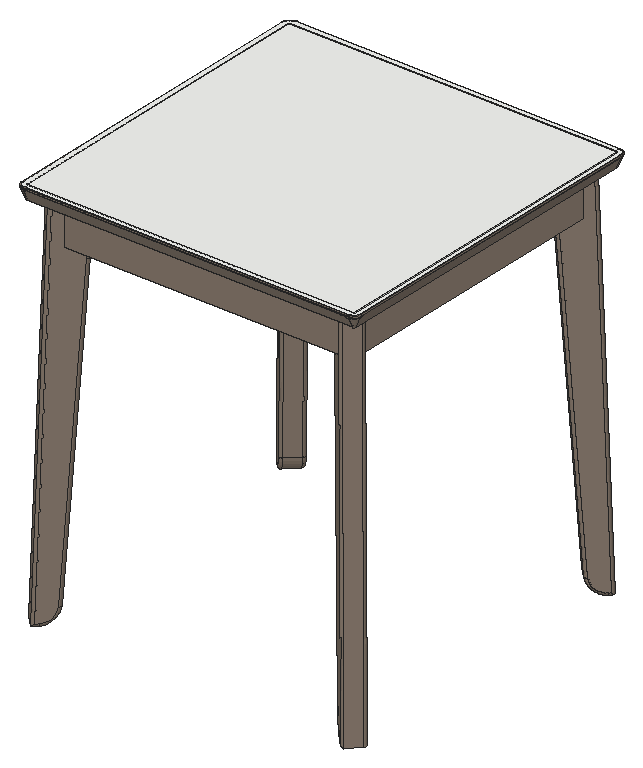
Revit family "Table-Casual-Naughtone-Dalby_SQ_Cafe", category Furniture, Revit 2015
Parameters (values of type "650mmx650mmx750mm")
  _distributed by = "www.bimbox.co.uk"  # constant formula
  _current revision = "1"
  _created by = "BIMBox"  # constant formula
  _author = "BIMBox"  # constant formula
  _BIMspec_GUID = 0
  WarrantyStartDate [instance] = "<User Defined>"
  WarrantyGuarantorParts = "sales@naughtone.com"
  WarrantyGuarantorLabor = "sales@naughtone.com"
  WarrantyDurationUnit = "Years"
  WarrantyDurationParts = "5"
  WarrantyDurationLabor = "5"
  WarrantyDescription = "5 year warranty"
  Version = "1"
  Uniclass2015 = "40.50.21.58"
  URL = "http://www.naughtone.com/"
  TypeName = "Table-Casual-Naughtone-Dalby_SQ_Cafe"
  Type Comments = "650x650x750"
  TagNumber = "0.000000"
  SustainabilityPerformance = "89.64% reusable content"
  Size = "650mmx650mmx750mm"
  Shape = "Rectangular"
  SerialNumber = "0.000000"
  ReplacementCost = "0.00"
  ProductInformation = "http://www.naughtone.com/wp-content/uploads/2015/05/Dalby-Brochure-FISP-2015.pdf?49171d"
  Product URL = "http://www.naughtone.com/portfolio-view/dalby"
  Option [instance] = if(HasReverseChamfer, "MFMDF with reverse chamfer", if(HasBandEdge, "MFMDF edge banded", "n/a"))  # "MFMDF with reverse chamfer"
  NominalWidth = 650 mm
  NominalLength = NominalWidth  # 650 mm
  NominalHeight = 750 mm  # constant formula
  Name = "650mmx650mmx750mm, Dalby Square Cafe Table"
  NBSReference = "40.50.21.58"
  NBSDescription = "n/a"
  Mtrl_Top [instance] = Laminate-White-Smooth
  Mtrl_Frame [instance] = Wood-Oak-Satin_Frame
  Mtrl_EdgeTop [instance] = Wood-Oak-Matte_Top
  ModelReference = "Dalby Square Cafe Table"
  ModelNumber = "DAL-650-SQ"
  Model = "DAL-650-SQ"
  Material = "MFMDF Top; Solid Oak Legs"
  ManufacturerAddressUK = "201 Pannal Business Park, Station Road, Harrogate, HG3 1JL"  # constant formula
  Manufacturer = "Naughtone"  # constant formula
  Keynote = "40.50.21.58"
  InstallationDate [instance] = "<User Defined>"
  HasReverseChamfer [instance] = yes
  HasBandEdge [instance] = not(HasReverseChamfer)  # no
  Grade = "n/a"
  Finish = "Polyster powder coat; various top finishes available"
  Features = "n/a"
  ExpectedLife = "15-20"
  EdgeOffset [instance] = if(HasReverseChamfer, 10 mm, 5 mm)  # 10 mm
  DurationUnit = "Years"
  Description = "Dalby Square Cafe Table"
  CreatedOn = "2015.07.15"
  CreatedBy = "Naughtone"  # constant formula
  Cost = 0
  ContactTelephoneNumber = "+44 (0) 1423 816500"
  ContactEmailAddress = "sales@naughtone.com"
  Constituents = "Wood Top; Solid Oak frame"
  ComponentDescription = "The Dalby table will inject warmth and quality into an interior without raising any eyebrows. Dalby provides a practical, robust surface and maximised leg positions for clear, useable access all round the table."
  Color = "White"
  CodePerformance = "FISP Certified; ISO14001 Certified"
  Category = "40.50.21.58 : Occasional Tables"
  BarCode = "0.000000"
  BIMObjectName = "Table-Casual-Naughtone-Dalby_SQ_Cafe"
  AssetType = "Movable"
  AssetIdentifier = "DAL-650-SQ"
  Assembly Code = "E2020"
  AdditionalMaterials = "Additional material and finish options available. Please contact Naughtone direct for further information."
  AccessibilityPerformance = "n/a"
Types (3, lengths in mm): name | Type Comments | Size | NominalWidth | NominalLength | Name | ModelNumber | Model | AssetIdentifier
  (no name) | "650x650x750" | "650mmx650mmx750mm" | 650 | 650 | "650mmx650mmx750mm, Dalby Square Cafe Table" | "DAL-650-SQ" | "DAL-650-SQ" | "DAL-650-SQ"
  650mmx650mmx750mm | "650x650x750" | "650mmx650mmx750mm" | 650 | 650 | "650mmx650mmx750mm, Dalby Square Cafe Table" | "DAL-650-SQ" | "DAL-650-SQ" | "DAL-650-SQ"
  850mmx850mmx750mm | "850x850x750" | "850mmx850mmx750mm" | 850 | 850 | "850mmx850mmx750mm, Dalby Square Cafe Table" | "DAL-850-SQ" | "DAL-850-SQ" | "DAL-850-SQ"
Reference planes
  plane 1 "Center (Front/Back)": y = 0
  plane 2: z = 0
  plane 3 "Center (Left/Right)": x = 0
  plane 4 "Left": x = -325
  plane 5 "Right": x = 325
  plane 6 "Rear": y = 325
  plane 7 "Front": y = -325
  plane 8 "Top": z = 750
  plane 9: x = -315
  plane 10: y = -315
  plane 11: y = 315
  plane 12: x = 315
  plane 13 "EdgeProfile": z = 725
  plane 14: y = -320
Forms (mm)
  Sweep 1, solid, material "Wood-Oak-Matte_Top" <- "Mtrl_EdgeTop", visible <- "HasReverseChamfer"
    path origin (0, 0, 725) x (-1, 0, 0) y (0, -1, 0)
      loop
        line (315, -312) -> (315, 312)
        arc (315, 312) -> (314.121, 314.121) -> (312, 315) r 3
        line (312, 315) -> (-312, 315)
        arc (-312, 315) -> (-314.121, 314.121) -> (-315, 312) r 3
        line (-315, 312) -> (-315, -312)
        arc (-315, -312) -> (-314.121, -314.121) -> (-312, -315) r 3
        line (-312, -315) -> (312, -315)
        arc (312, -315) -> (314.121, -314.121) -> (315, -312) r 3
    profile origin (-315, 0, 725) x (1, 0, 0) y (0, 0, 1)
      loop
        line (0, 25) -> (-9.5, 25)
        arc (-9.5, 25) -> (-9.854, 24.854) -> (-10, 24.5) r 0.5
        line (-10, 24.5) -> (-10, 21.379)
        arc (-10, 21.379) -> (-9.925, 20.513) -> (-9.701, 19.674) r 5
        line (-9.701, 19.674) -> (-1.167, 0) -> (0, 0) -> (0, 25)
  Sweep 2, solid, material "Wood-Oak-Matte_Top" <- "Mtrl_EdgeTop", visible <- "HasBandEdge"
    path origin (0, 0, 725) x (-1, 0, 0) y (0, -1, 0)
      loop
        line (312, 315) -> (-312, 315)
        arc (-312, 315) -> (-314.121, 314.121) -> (-315, 312) r 3
        line (-315, 312) -> (-315, -312)
        arc (-315, -312) -> (-314.121, -314.121) -> (-312, -315) r 3
        line (-312, -315) -> (312, -315)
        arc (312, -315) -> (314.121, -314.121) -> (315, -312) r 3
        line (315, -312) -> (315, 312)
        arc (315, 312) -> (314.121, 314.121) -> (312, 315) r 3
    profile origin (0, -315, 725) x (0, 1, 0) y (0, 0, 1)
      loop
        line (-5, 20) -> (-5, 5)
        arc (-5, 5) -> (-3.536, 1.464) -> (0, 0) r 5
        line (0, 0) -> (0, 25)
        arc (0, 25) -> (-3.536, 23.536) -> (-5, 20) r 5
  Extrusion 3, solid, material "Laminate-White-Smooth" <- "Mtrl_Top"
    sketch origin (0, 0, 725) x (-1, 0, 0) y (0, -1, 0)
      loop
        arc (312, -315) -> (314.121, -314.121) -> (315, -312) r 3
        line (315, -312) -> (315, 312)
        arc (315, 312) -> (314.121, 314.121) -> (312, 315) r 3
        line (312, 315) -> (-312, 315)
        arc (-312, 315) -> (-314.121, 314.121) -> (-315, 312) r 3
        line (-315, 312) -> (-315, -312)
        arc (-315, -312) -> (-314.121, -314.121) -> (-312, -315) r 3
        line (-312, -315) -> (312, -315)
    from 0 to 25
Dimensions and locks
  equal spacing: plane 4 "Left", plane 3 "Center (Left/Right)", plane 5 "Right"
  "NominalWidth": plane 4 "Left" to plane 5 "Right"
  equal spacing: plane 6 "Rear", plane 1 "Center (Front/Back)", plane 7 "Front"
  "NominalLength": plane 6 "Rear" to plane 7 "Front"
  "NominalHeight": plane 8 "Top" to level
  "EdgeOffset": plane 4 "Left" to plane 9
  "EdgeOffset": plane 12 to plane 5 "Right"
  "EdgeOffset": plane 6 "Rear" to plane 11
  "EdgeOffset": plane 10 to plane 7 "Front"
  locked: plane 8 "Top" to plane 13 "EdgeProfile" at 25
  locked: plane 14 to plane 10 at 5
  aligned and locked: level to plane 2
  aligned and locked: Sweep 1 sketch curve to plane 9
  aligned and locked: plane 11 to Sweep 1 sketch curve
  aligned and locked: Sweep 1 sketch curve to plane 10
  aligned and locked: plane 12 to Sweep 1 sketch curve
  aligned and locked: plane 8 "Top" to Sweep 1 sketch curve
  aligned and locked: Sweep 1 sketch curve to plane 4 "Left"
  aligned and locked: plane 13 "EdgeProfile" to Sweep 1 sketch curve
  aligned and locked: plane 9 to Sweep 1 sketch curve
  aligned and locked: Sweep 2 sketch curve to plane 10
  aligned and locked: Sweep 2 sketch curve to plane 9
  aligned and locked: Sweep 2 sketch curve to plane 11
  aligned and locked: Sweep 2 sketch curve to plane 12
  aligned and locked: plane 10 to Sweep 2 sketch curve
  aligned and locked: Sweep 2 sketch curve to plane 14
  aligned and locked: plane 11 to Extrusion 3 sketch curve
  aligned and locked: plane 9 to Extrusion 3 sketch curve
  aligned and locked: plane 10 to Extrusion 3 sketch curve
  aligned and locked: plane 12 to Extrusion 3 sketch curve
  aligned and locked: plane 8 "Top" to Extrusion 3
  aligned and locked: Extrusion 3 to plane 13 "EdgeProfile"
  aligned and locked: plane 1 "Center (Front/Back)" to nested 1
  aligned and locked: plane 3 "Center (Left/Right)" to nested 1
Automatic sketch dimensions
  Sweep 2 sketch curve to profile plane = 0 mm
  Sweep 2 sketch curve to plane 13 "EdgeProfile" = 0 mm
  Sweep 2 sketch curve to Sweep 2 sketch curve = 15 mm
  Sweep 2 sketch curve to Sweep 2 sketch curve = 0 mm
  Sweep 1 sketch curve to Sweep 1 sketch curve = 0.299 mm
  Sweep 1 sketch curve to Sweep 1 sketch curve = 0.5 mm
  Sweep 1 sketch curve to Sweep 1 sketch curve = 5 mm
  Sweep 1 sketch curve to Sweep 1 sketch curve = 4.826 mm
  profile plane to Sweep 1 sketch curve = 1.167 mm
  plane 12 to Sweep 1 sketch curve = 3 mm  (x2)
  plane 9 to Sweep 1 sketch curve = 3 mm  (x2)
  plane 12 to Extrusion 3 sketch curve = 3 mm  (x2)
  Extrusion 3 sketch curve to Extrusion 3 sketch curve = 3 mm  (x2)
  plane 12 to Sweep 2 sketch curve = 3 mm
  Sweep 2 sketch curve to Sweep 2 sketch curve = 3 mm  (x2)
  plane 9 to Sweep 2 sketch curve = 3 mm
Nested families
  nested 1: "Nested-Frame-Naughtone-Dalby_Small" at (0, 0, 0), Mtrl_Frame <- "Mtrl_Frame", NominalWidth <- "NominalWidth", type "Dalby Frame"
    with NominalWidth 650 mm, NominalLength 650 mm, Mtrl_Frame Wood-Oak-Satin_Frame, HasRectangularTop yes, HasCircularTop no, FrameWidth 650 mm, FrameLength 650 mm
Definition of nested family "Nested-Frame-Naughtone-Dalby_Small"
  Parameters (values of type "Dalby Frame")
    _distributed by = "www.bimbox.co.uk"  # constant formula
    _current revision = "1"
    _created by = "BIMBox"  # constant formula
    _author = "BIMBox"  # constant formula
    URL = "http://www.naughtone.com/"
    Type Comments = ""
    NominalWidth [instance] = 850 mm
    NominalLength [instance] = NominalWidth  # 850 mm
    NominalHeight = 750 mm  # constant formula
    Mtrl_Frame [instance] = none
    Model = "Dalby Frame"
    ManufacturerAddressUK = "201 Pannal Business Park, Station Road, Harrogate, HG3 1JL"  # constant formula
    Manufacturer = "Naughtone"  # constant formula
    Keynote = ""
    HasRectangularTop [instance] = 1 < 2  # yes
    HasCircularTop [instance] = not(HasRectangularTop)  # no
    FrameWidth [instance] = if(HasCircularTop, NominalLength - (110 mm * 2), NominalWidth)  # 850 mm
    FrameLength [instance] = if(HasCircularTop, NominalLength - (110 mm * 2), NominalLength)  # 850 mm
    Description = "Dalby Frame"
    Cost = 0
    ContactTelephoneNumber = "+44 (0) 1423 816500"
    ContactEmailAddress = "sales@naughtone.com"
    Assembly Code = "E2020"
  Reference planes
    plane 1 "Center (Front/Back)": y = 0
    plane 2: z = 0
    plane 3 "Center (Left/Right)": x = 0
    plane 4 "Left": x = -425
    plane 5 "Right": x = 425
    plane 6 "Rear": y = 425
    plane 7 "Front": y = -425
    plane 8 "Top": z = 750
    plane 9 "EdgeProfile": z = 725
    plane 10: z = 650
    plane 11: z = 655.321
    plane 12: z = 5
    plane 13: z = 655.321
    plane 14: z = 649.22
    plane 15: z = 612.454
    plane 16: z = 602.235
    plane 17: z = 32.847
    plane 18: z = 5
    plane 19: z = 40
    plane 20: x = 410.858
    plane 21: y = -410.858
    plane 22: x = 322.47
    plane 23: x = 350.754
    plane 24: y = -322.47
    plane 25: y = -350.754
    plane 26: y = -336.612
    plane 27: x = 336.612
    plane 28: through (572.47, -100.754, 1200) normal (-0.7071, 0.7071, 0)
    plane 29: through (646.716, -175, 1200) normal (-0.7071, 0.7071, 0)
    plane 30: through (556.795, -257.845, 5) normal (0.7071, -0.7071, 0)
    plane 31: through (539.017, -240.066, 725) normal (-0.7071, 0.7071, 0)
    plane 32: through (552.518, -253.567, 35) normal (-0.7071, 0.7071, 0)
    plane 33: z = 35
    plane 34: z = 32.867
    plane 35: through (501.333, -202.382, 628.573) normal (-0.7071, 0.7071, 0)
    plane 36: z = 628.573
    plane 37: z = 654.63
    plane 38: through (480.173, -181.223, 626.44) normal (-0.7071, 0.7071, 0)
    plane 39: z = 626.44
    plane 40: through (487.429, -188.478, 654.63) normal (-0.7071, 0.7071, 0)
    plane 41: through (531.358, -232.407, 32.867) normal (-0.7071, 0.7071, 0)
    plane 42: y = 410.858
    plane 43: y = 322.47
    plane 44: y = 350.754
    plane 45: y = 336.612
    plane 46: through (572.47, 100.754, 1200) normal (0.7071, 0.7071, 0)
    plane 47: through (646.716, 175, 1200) normal (0.7071, 0.7071, 0)
    plane 48: through (556.795, 257.845, 5) normal (-0.7071, -0.7071, 0)
    plane 49: through (539.017, 240.066, 725) normal (0.7071, 0.7071, 0)
    plane 50: through (552.518, 253.567, 35) normal (0.7071, 0.7071, 0)
    plane 51: through (501.333, 202.382, 628.573) normal (0.7071, 0.7071, 0)
    plane 52: through (480.173, 181.223, 626.44) normal (0.7071, 0.7071, 0)
    plane 53: through (487.429, 188.478, 654.63) normal (0.7071, 0.7071, 0)
    plane 54: through (531.358, 232.407, 32.867) normal (0.7071, 0.7071, 0)
    plane 55: x = -410.858
    plane 56: x = -322.47
    plane 57: x = -350.754
    plane 58: x = -336.612
    plane 59: through (-572.47, -100.754, 1200) normal (-0.7071, -0.7071, 0)
    plane 60: through (-646.716, -175, 1200) normal (-0.7071, -0.7071, 0)
    plane 61: through (-556.795, -257.845, 5) normal (0.7071, 0.7071, 0)
    plane 62: through (-539.017, -240.066, 725) normal (-0.7071, -0.7071, 0)
    plane 63: through (-552.518, -253.567, 35) normal (-0.7071, -0.7071, 0)
    plane 64: through (-501.333, -202.382, 628.573) normal (-0.7071, -0.7071, 0)
    plane 65: through (-480.173, -181.223, 626.44) normal (-0.7071, -0.7071, 0)
    plane 66: through (-487.429, -188.478, 654.63) normal (-0.7071, -0.7071, 0)
    plane 67: through (-531.358, -232.407, 32.867) normal (-0.7071, -0.7071, 0)
    plane 68: z = 5
    plane 69: z = 35
    plane 70: z = 32.867
    plane 71: z = 628.573
    plane 72: z = 654.63
    plane 73: z = 626.44
    plane 74: through (-572.47, 100.754, 1200) normal (0.7071, -0.7071, 0)
    plane 75: through (-646.716, 175, 1200) normal (0.7071, -0.7071, 0)
    plane 76: through (-556.795, 257.845, 5) normal (-0.7071, 0.7071, 0)
    plane 77: through (-539.017, 240.066, 725) normal (0.7071, -0.7071, 0)
    plane 78: through (-552.518, 253.567, 35) normal (0.7071, -0.7071, 0)
    plane 79: through (-501.333, 202.382, 628.573) normal (0.7071, -0.7071, 0)
    plane 80: through (-480.173, 181.223, 626.44) normal (0.7071, -0.7071, 0)
    plane 81: through (-487.429, 188.478, 654.63) normal (0.7071, -0.7071, 0)
    plane 82: through (-531.358, 232.407, 32.867) normal (0.7071, -0.7071, 0)
    plane 83: z = 726.5
    plane 84: through (246.847, -422.896, 647.076) normal (-0.7071, 0.7071, 0)
    plane 85: through (305.759, -481.809, 721.969) normal (-0.7071, 0.7071, 0)
    plane 86: z = 726.5
    plane 87: through (543.259, 244.309, 729.183) normal (-0.7071, -0.7071, 0)
    plane 88: through (484.319, 185.369, 729.183) normal (-0.7071, -0.7071, 0)
    plane 89: z = 649.63
    plane 90: z = 726.5
    plane 91: through (-484.319, -185.369, 731.5) normal (0.7071, 0.7071, 0)
    plane 92: through (-543.259, -244.309, 707.401) normal (-0.7071, -0.7071, 0)
    plane 93: z = 726.5
    plane 94: through (-484.319, 185.369, 644.22) normal (0.7071, -0.7071, 0)
    plane 95: through (-543.259, 244.309, 731.5) normal (-0.7071, 0.7071, 0)
    plane 96: y = -390.754
    plane 97: x = -390.754
    plane 98: y = 390.754
    plane 99: x = 390.754
  Forms (mm)
    Sweep 1, solid, material <- "Mtrl_Frame"
      path origin (410.858, -410.858, 0) x (-0.707107, 0.707107, 0) y (0, 0, 1)
        loop
          line (30.146, 725) -> (5.003, 5) -> (11.053, 5)
          arc (11.053, 5) -> (31.498, 13.046) -> (40.977, 32.867) r 30
          line (40.977, 32.867) -> (83.439, 628.573)
          arc (83.439, 628.573) -> (89.416, 644.51) -> (103.103, 654.63) r 30
          line (103.103, 654.63) -> (105, 655.321)
      profile origin (405.181, -405.181, 5) x (0, 0, 1) y (0.707107, 0.707107, 0)
        loop
          arc (0, 20) -> (-3.536, 18.536) -> (-5, 15) r 5
          line (-5, 15) -> (-5, -15)
          arc (-5, -15) -> (-3.536, -18.536) -> (0, -20) r 5
          line (0, -20) -> (0, 20)
    Sweep 2, solid, material <- "Mtrl_Frame"
      path origin (410.858, 410.858, 0) x (-0.707107, -0.707107, 0) y (0, 0, 1)
        loop
          line (30.146, 725) -> (5.003, 5) -> (11.053, 5)
          arc (11.053, 5) -> (31.498, 13.046) -> (40.977, 32.867) r 30
          line (40.977, 32.867) -> (83.439, 628.573)
          arc (83.439, 628.573) -> (89.416, 644.51) -> (103.103, 654.63) r 30
          line (103.103, 654.63) -> (105, 655.321)
      profile origin (405.181, 405.181, 5) x (0, 0, 1) y (-0.707107, 0.707107, 0)
        loop
          line (0, -20) -> (0, 20)
          arc (0, 20) -> (-3.536, 18.536) -> (-5, 15) r 5
          line (-5, 15) -> (-5, -15)
          arc (-5, -15) -> (-3.536, -18.536) -> (0, -20) r 5
    Sweep 3, solid, material <- "Mtrl_Frame"
      path origin (-410.858, -410.858, 0) x (0.707107, 0.707107, 0) y (0, 0, 1)
        loop
          line (30.146, 725) -> (5.003, 5) -> (11.053, 5)
          arc (11.053, 5) -> (31.498, 13.046) -> (40.977, 32.867) r 30
          line (40.977, 32.867) -> (83.439, 628.573)
          arc (83.439, 628.573) -> (89.416, 644.51) -> (103.103, 654.63) r 30
          line (103.103, 654.63) -> (105, 655.321)
      profile origin (-405.181, -405.181, 5) x (0, 0, 1) y (0.707107, -0.707107, 0)
        loop
          line (0, -20) -> (0, 20)
          arc (0, 20) -> (-3.536, 18.536) -> (-5, 15) r 5
          line (-5, 15) -> (-5, -15)
          arc (-5, -15) -> (-3.536, -18.536) -> (0, -20) r 5
    Sweep 4, solid, material <- "Mtrl_Frame"
      path origin (-410.858, 410.858, 0) x (0.707107, -0.707107, 0) y (0, 0, 1)
        loop
          line (30.146, 725) -> (5.003, 5) -> (11.053, 5)
          arc (11.053, 5) -> (31.498, 13.046) -> (40.977, 32.867) r 30
          line (40.977, 32.867) -> (83.439, 628.573)
          arc (83.439, 628.573) -> (89.416, 644.51) -> (103.103, 654.63) r 30
          line (103.103, 654.63) -> (105, 655.321)
      profile origin (-405.181, 405.181, 5) x (0, 0, 1) y (-0.707107, -0.707107, 0)
        loop
          arc (0, 20) -> (-3.536, 18.536) -> (-5, 15) r 5
          line (-5, 15) -> (-5, -15)
          arc (-5, -15) -> (-3.536, -18.536) -> (0, -20) r 5
          line (0, -20) -> (0, 20)
    Extrusion 5, solid, material <- "Mtrl_Frame"
      sketch origin (410.858, -410.858, 0) x (-0.707107, 0.707107, 0) y (0, 0, 1)
        loop
          arc (83.439, 628.573) -> (89.416, 644.51) -> (103.103, 654.63) r 30
          line (103.103, 654.63) -> (105, 655.321) -> (105, 725) -> (30.146, 725) -> (5.003, 5) -> (11.053, 5)
          arc (11.053, 5) -> (31.498, 13.046) -> (40.977, 32.867) r 30
          line (40.977, 32.867) -> (83.439, 628.573)
      from -20 to 20
    Extrusion 6, void
      sketch origin (410.858, -410.858, 0) x (0.707107, -0.707107, 0) y (0, 0, 1)
        loop
          line (-107.461, 650) -> (-105, 650) -> (-105, 725) -> (-24.146, 725) -> (-24.146, 726.5) -> (-107.461, 726.5) -> (-107.461, 650)
      from -20 to 20
    Extrusion 7, solid, material <- "Mtrl_Frame"
      sketch origin (410.858, 410.858, 0) x (-0.707107, -0.707107, 0) y (0, 0, 1)
        loop
          line (5.003, 5) -> (11.053, 5)
          arc (11.053, 5) -> (31.498, 13.046) -> (40.977, 32.867) r 30
          line (40.977, 32.867) -> (83.439, 628.573)
          arc (83.439, 628.573) -> (89.416, 644.51) -> (103.103, 654.63) r 30
          line (103.103, 654.63) -> (105, 655.321) -> (105, 725) -> (30.146, 725) -> (5.003, 5)
      from -20 to 20
    Extrusion 8, void
      sketch origin (410.858, 410.858, 0) x (-0.707107, -0.707107, 0) y (0, 0, 1)
        loop
          line (24.146, 726.5) -> (24.146, 725) -> (105, 725) -> (105, 649.63) -> (107.5, 649.63) -> (107.5, 726.5) -> (24.146, 726.5)
      from -20 to 20
    Extrusion 9, solid, material <- "Mtrl_Frame"
      sketch origin (-410.858, -410.858, 0) x (0.707107, 0.707107, 0) y (0, 0, 1)
        loop
          line (30.146, 725) -> (5.003, 5) -> (11.053, 5)
          arc (11.053, 5) -> (31.498, 13.046) -> (40.977, 32.867) r 30
          line (40.977, 32.867) -> (83.439, 628.573)
          arc (83.439, 628.573) -> (89.416, 644.51) -> (103.103, 654.63) r 30
          line (103.103, 654.63) -> (105, 655.321) -> (105, 725) -> (30.146, 725)
      from -20 to 20
    Extrusion 10, void
      sketch origin (-410.858, -410.858, 0) x (0.707107, 0.707107, 0) y (0, 0, 1)
        loop
          line (24.146, 726.5) -> (24.146, 725) -> (105, 725) -> (105, 650) -> (107.5, 650) -> (107.5, 726.5) -> (24.146, 726.5)
      from -20 to 20
    Extrusion 11, solid, material <- "Mtrl_Frame"
      sketch origin (-410.858, 410.858, 0) x (0.707107, -0.707107, 0) y (0, 0, 1)
        loop
          arc (83.439, 628.573) -> (89.416, 644.51) -> (103.103, 654.63) r 30
          line (103.103, 654.63) -> (105, 655.321) -> (105, 725) -> (30.146, 725) -> (5.003, 5) -> (11.053, 5)
          arc (11.053, 5) -> (31.498, 13.046) -> (40.977, 32.867) r 30
          line (40.977, 32.867) -> (83.439, 628.573)
      from -20 to 20
    Extrusion 12, void
      sketch origin (-410.858, 410.858, 0) x (0.707107, -0.707107, 0) y (0, 0, 1)
        loop
          line (107.5, 726.5) -> (24.146, 726.5) -> (24.146, 725) -> (105, 725) -> (105, 649.22) -> (107.5, 649.22) -> (107.5, 726.5)
      from -20 to 20
    Extrusion 13, solid, material <- "Mtrl_Frame"
      sketch origin (0, 0, 0) x (1, 0, 0) y (0, 1, 0)
        loop
          line (350.754, -322.47) -> (390.754, -362.47) -> (390.754, 362.47) -> (350.754, 322.47) -> (350.754, -322.47)
        loop
          line (322.47, 350.754) -> (362.47, 390.754) -> (-362.47, 390.754) -> (-322.47, 350.754) -> (322.47, 350.754)
        loop
          line (-350.754, -322.47) -> (-350.754, 322.47) -> (-390.754, 362.47) -> (-390.754, -362.47) -> (-350.754, -322.47)
        loop
          line (322.47, -350.754) -> (-322.47, -350.754) -> (-362.47, -390.754) -> (362.47, -390.754) -> (322.47, -350.754)
      from 650 to 725
  Cuts and joins
    Extrusion 6 cuts Sweep 1
    joined: Sweep 1, Extrusion 5
    Extrusion 8 cuts Sweep 2
    joined: Sweep 2, Extrusion 7
    Extrusion 10 cuts Sweep 3
    joined: Sweep 3, Extrusion 9
    Extrusion 12 cuts Sweep 4
    Extrusion 12 cuts Extrusion 11
    joined: Sweep 4, Extrusion 11
  Lines and regions (mm)
    reference lines
      curve 1: line (410.858, -410.858, 0) -> (336.612, -336.612, 0)
      curve 2: line (410.858, 410.858, 0) -> (336.612, 336.612, 0)
      curve 3: line (-410.858, -410.858, 0) -> (-336.612, -336.612, 0)
      curve 4: line (-410.858, 410.858, 0) -> (-336.612, 336.612, 0)
  Dimensions and locks
    equal spacing: plane 4 "Left", plane 3 "Center (Left/Right)", plane 5 "Right"
    "FrameWidth": plane 4 "Left" to plane 5 "Right"
    equal spacing: plane 6 "Rear", plane 1 "Center (Front/Back)", plane 7 "Front"
    "FrameLength": plane 6 "Rear" to plane 7 "Front"
    "NominalHeight": plane 8 "Top" to level
    locked: plane 8 "Top" to plane 9 "EdgeProfile" at 25
    locked: plane 9 "EdgeProfile" to plane 10 at 75
    locked: plane 11 to plane 10 at 5.321
    locked: plane 12 to level at 5
    locked: plane 13 to plane 10 at 5.321
    locked: plane 10 to plane 14 at 0.78
    locked: plane 10 to plane 15 at 37.546
    locked: plane 10 to plane 16 at 47.765
    locked: plane 18 to level at 5
    locked: plane 17 to level at 32.847
    locked: plane 19 to level at 40
    locked: plane 20 to plane 5 "Right" at 14.142
    locked: plane 21 to plane 7 "Front" at 14.142
    locked: plane 7 "Front" to plane 24 at 102.53
    locked: plane 26 to plane 7 "Front" at 88.388
    locked: plane 7 "Front" to plane 25 at 74.246
    locked: plane 23 to plane 5 "Right" at 74.246
    locked: plane 27 to plane 5 "Right" at 88.388
    locked: plane 22 to plane 5 "Right" at 102.53
    locked: plane 30 to plane 29 at 5.003
    locked: plane 28 to plane 31 at 74.854
    locked: plane 28 to plane 40 at 1.897
    locked: plane 28 to plane 35 at 21.561
    locked: plane 38 to plane 28 at 8.363
    locked: plane 36 to plane 10 at 21.427
    locked: plane 10 to plane 39 at 23.56
    locked: plane 10 to plane 37 at 4.63
    locked: plane 32 to plane 29 at 11.053
    locked: plane 41 to plane 29 at 40.977
    locked: level to plane 34 at 32.867
    locked: plane 33 to level at 35
    locked: plane 42 to plane 6 "Rear" at 14.142
    locked: plane 6 "Rear" to plane 43 at 102.53
    locked: plane 45 to plane 6 "Rear" at 88.388
    locked: plane 6 "Rear" to plane 44 at 74.246
    locked: plane 48 to plane 47 at 5.003
    locked: plane 46 to plane 49 at 74.854
    locked: plane 46 to plane 53 at 1.897
    locked: plane 46 to plane 51 at 21.561
    locked: plane 52 to plane 46 at 8.363
    locked: plane 50 to plane 47 at 11.053
    locked: plane 54 to plane 47 at 40.977
    locked: plane 55 to plane 4 "Left" at 14.142
    locked: plane 57 to plane 4 "Left" at 74.246
    locked: plane 58 to plane 4 "Left" at 88.388
    locked: plane 56 to plane 4 "Left" at 102.53
    locked: plane 61 to plane 60 at 5.003
    locked: plane 59 to plane 62 at 74.854
    locked: plane 59 to plane 66 at 1.897
    locked: plane 59 to plane 64 at 21.561
    locked: plane 65 to plane 59 at 8.363
    locked: plane 63 to plane 60 at 11.053
    locked: plane 67 to plane 60 at 40.977
    locked: plane 68 to level at 5
    locked: plane 71 to plane 10 at 21.427
    locked: plane 10 to plane 73 at 23.56
    locked: plane 10 to plane 72 at 4.63
    locked: level to plane 70 at 32.867
    locked: plane 69 to level at 35
    plane 42 to plane 6 "Rear" = 14.142 mm
    plane 6 "Rear" to plane 43 = 102.53 mm
    plane 45 to plane 6 "Rear" = 88.388 mm
    plane 6 "Rear" to plane 44 = 74.246 mm
    locked: plane 76 to plane 75 at 5.003
    locked: plane 74 to plane 77 at 74.854
    locked: plane 74 to plane 81 at 1.897
    locked: plane 74 to plane 79 at 21.561
    locked: plane 80 to plane 74 at 8.363
    locked: plane 78 to plane 75 at 11.053
    locked: plane 82 to plane 75 at 40.977
    locked: plane 31 to plane 85 at 6
    locked: plane 83 to plane 9 "EdgeProfile" at 1.5
    locked: plane 84 to plane 28 at 2.461
    locked: plane 37 to plane 89 at 5
    locked: plane 88 to plane 46 at 2.5
    locked: plane 49 to plane 87 at 6
    locked: plane 86 to plane 9 "EdgeProfile" at 1.5
    locked: plane 92 to plane 62 at 6
    locked: plane 59 to plane 91 at 2.5
    locked: plane 90 to plane 9 "EdgeProfile" at 1.5
    locked: plane 74 to plane 94 at 2.5
    locked: plane 95 to plane 77 at 6
    locked: plane 93 to plane 9 "EdgeProfile" at 1.5
    locked: plane 96 to plane 25 at 40
    locked: plane 97 to plane 57 at 40
    locked: plane 98 to plane 44 at 40
    locked: plane 23 to plane 99 at 40
    locked: plane 28 to plane 24 (angle 135.00°)
    locked: plane 29 to plane 20 (angle 45.00°)
    locked: plane 21 to plane 29 (angle 45.00°)
    locked: plane 43 to plane 46 (angle 135.00°)
    locked: plane 47 to plane 42 (angle 45.00°)
    locked: plane 20 to plane 47 (angle 45.00°)
    locked: plane 24 to plane 59 (angle 135.00°)
    locked: plane 55 to plane 60 (angle 45.00°)
    locked: plane 60 to plane 21 (angle 45.00°)
    locked: plane 74 to plane 43 (angle 135.00°)
    locked: plane 42 to plane 75 (angle 45.00°)
    locked: plane 75 to plane 55 (angle 45.00°)
    aligned and locked: level to plane 2
    aligned and locked: plane 26 to curve 1
    aligned and locked: plane 20 to curve 1
    aligned and locked: plane 21 to curve 1
    aligned and locked: plane 28 to curve 1
    aligned and locked: plane 28 to Sweep 1 sketch curve
    aligned and locked: plane 11 to Sweep 1 sketch curve
    aligned and locked: Sweep 1 sketch curve to plane 37
    aligned and locked: Sweep 1 sketch curve to plane 36
    aligned and locked: plane 35 to Sweep 1 sketch curve
    aligned and locked: plane 41 to Sweep 1 sketch curve
    aligned and locked: Sweep 1 sketch curve to plane 34
    aligned and locked: plane 9 "EdgeProfile" to Sweep 1 sketch curve
    aligned and locked: plane 31 to Sweep 1 sketch curve
    aligned and locked: plane 12 to Sweep 1 sketch curve
    aligned and locked: plane 30 to Sweep 1 sketch curve
    aligned and locked: plane 32 to Sweep 1 sketch curve
    aligned and locked: plane 33 to Sweep 1 sketch curve
    aligned and locked: plane 38 to Sweep 1 sketch curve
    aligned and locked: plane 39 to Sweep 1 sketch curve
    aligned and locked: curve 2 to plane 45
    aligned and locked: curve 2 to plane 42
    aligned and locked: plane 46 to curve 2
    aligned and locked: plane 46 to Sweep 2 sketch curve
    aligned and locked: plane 54 to Sweep 2 sketch curve
    aligned and locked: plane 49 to Sweep 2 sketch curve
    aligned and locked: plane 48 to Sweep 2 sketch curve
    aligned and locked: plane 50 to Sweep 2 sketch curve
    aligned and locked: plane 52 to Sweep 2 sketch curve
    aligned and locked: plane 9 "EdgeProfile" to Sweep 2 sketch curve
    aligned and locked: plane 11 to Sweep 2 sketch curve
    aligned and locked: plane 37 to Sweep 2 sketch curve
    aligned and locked: plane 53 to Sweep 2 sketch curve
    aligned and locked: plane 39 to Sweep 2 sketch curve
    aligned and locked: plane 36 to Sweep 2 sketch curve
    aligned and locked: plane 33 to Sweep 2 sketch curve
    aligned and locked: plane 34 to Sweep 2 sketch curve
    aligned and locked: Sweep 2 sketch curve to plane 12
    aligned and locked: curve 3 to plane 55
    aligned and locked: curve 3 to plane 21
    aligned and locked: plane 59 to curve 3
    aligned and locked: plane 59 to Sweep 3 sketch curve
    aligned and locked: plane 64 to Sweep 3 sketch curve
    aligned and locked: plane 67 to Sweep 3 sketch curve
    aligned and locked: plane 62 to Sweep 3 sketch curve
    aligned and locked: plane 61 to Sweep 3 sketch curve
    aligned and locked: plane 63 to Sweep 3 sketch curve
    aligned and locked: plane 65 to Sweep 3 sketch curve
    aligned and locked: plane 9 "EdgeProfile" to Sweep 3 sketch curve
    aligned and locked: Sweep 3 sketch curve to plane 73
    aligned and locked: Sweep 3 sketch curve to plane 13
    aligned and locked: plane 66 to Sweep 3 sketch curve
    aligned and locked: plane 72 to Sweep 3 sketch curve
    aligned and locked: Sweep 3 sketch curve to plane 69
    aligned and locked: plane 68 to Sweep 3 sketch curve
    aligned and locked: plane 70 to Sweep 3 sketch curve
    aligned and locked: plane 45 to curve 4
    aligned and locked: plane 42 to curve 4
    aligned and locked: plane 74 to curve 4
    aligned and locked: plane 74 to Sweep 4 sketch curve
    aligned and locked: plane 82 to Sweep 4 sketch curve
    aligned and locked: plane 77 to Sweep 4 sketch curve
    aligned and locked: plane 76 to Sweep 4 sketch curve
    aligned and locked: plane 78 to Sweep 4 sketch curve
    aligned and locked: plane 80 to Sweep 4 sketch curve
    aligned and locked: plane 81 to Sweep 4 sketch curve
    aligned and locked: plane 9 "EdgeProfile" to Sweep 4 sketch curve
    aligned and locked: plane 13 to Sweep 4 sketch curve
    aligned and locked: plane 72 to Sweep 4 sketch curve
    aligned and locked: plane 73 to Sweep 4 sketch curve
    aligned and locked: plane 71 to Sweep 4 sketch curve
    aligned and locked: plane 69 to Sweep 4 sketch curve
    aligned and locked: plane 70 to Sweep 4 sketch curve
    aligned and locked: plane 68 to Sweep 4 sketch curve
    aligned and locked: Extrusion 5 sketch curve to Sweep 1  (x4)
    aligned and locked: plane 28 to Extrusion 5 sketch curve
    aligned and locked: plane 9 "EdgeProfile" to Extrusion 5 sketch curve
    aligned and locked: plane 40 to Extrusion 5 sketch curve
    aligned and locked: Extrusion 6 sketch curve to plane 84
    aligned and locked: Extrusion 6 sketch curve to plane 83
    aligned and locked: Extrusion 6 sketch curve to plane 85
    aligned and locked: Extrusion 6 sketch curve to plane 9 "EdgeProfile"
    aligned and locked: Extrusion 6 sketch curve to plane 28
    aligned and locked: Extrusion 6 sketch curve to plane 10
    aligned and locked: Extrusion 7 sketch curve to Sweep 2  (x4)
    aligned and locked: Extrusion 7 sketch curve to plane 9 "EdgeProfile"
    aligned and locked: plane 46 to Extrusion 7 sketch curve
    aligned and locked: plane 34 to Extrusion 7 sketch curve
    aligned and locked: plane 53 to Extrusion 7 sketch curve
    aligned and locked: plane 86 to Extrusion 8 sketch curve
    aligned and locked: Extrusion 8 sketch curve to plane 87
    aligned and locked: Extrusion 8 sketch curve to plane 9 "EdgeProfile"
    aligned and locked: Extrusion 8 sketch curve to plane 88
    aligned and locked: plane 89 to Extrusion 8 sketch curve
    aligned and locked: plane 46 to Extrusion 8 sketch curve
    aligned and locked: plane 59 to Extrusion 9 sketch curve
    aligned and locked: Extrusion 9 sketch curve to Sweep 3  (x4)
    aligned and locked: plane 70 to Extrusion 9 sketch curve
    aligned and locked: plane 66 to Extrusion 9 sketch curve
    aligned and locked: plane 71 to Extrusion 9 sketch curve
    aligned and locked: plane 9 "EdgeProfile" to Extrusion 9 sketch curve
    aligned and locked: plane 62 to Extrusion 9 sketch curve
    aligned and locked: plane 90 to Extrusion 10 sketch curve
    aligned and locked: Extrusion 10 sketch curve to plane 92
    aligned and locked: Extrusion 10 sketch curve to plane 91
    aligned and locked: Extrusion 10 sketch curve to plane 10
    aligned and locked: plane 59 to Extrusion 10 sketch curve
    aligned and locked: Extrusion 10 sketch curve to plane 9 "EdgeProfile"
    aligned and locked: Extrusion 11 sketch curve to Sweep 4  (x4)
    aligned and locked: plane 74 to Extrusion 11 sketch curve
    aligned and locked: plane 9 "EdgeProfile" to Extrusion 11 sketch curve  (x2)
    aligned and locked: plane 77 to Extrusion 11 sketch curve
    aligned and locked: plane 81 to Extrusion 11 sketch curve
    aligned and locked: plane 79 to Extrusion 11 sketch curve
    aligned and locked: plane 70 to Extrusion 11 sketch curve
    aligned and locked: plane 68 to Extrusion 11 sketch curve
    aligned and locked: Extrusion 12 sketch curve to plane 93
    aligned and locked: plane 94 to Extrusion 12 sketch curve
    aligned and locked: plane 95 to Extrusion 12 sketch curve
    aligned and locked: plane 9 "EdgeProfile" to Extrusion 12 sketch curve
    aligned and locked: plane 74 to Extrusion 12 sketch curve
    aligned and locked: Extrusion 12 sketch curve to plane 14
    aligned and locked: Extrusion 13 sketch curve to plane 23
    aligned and locked: Extrusion 13 sketch curve to plane 99
    aligned and locked: cut or joined group of Sweep 1, Extrusion 5, Extrusion 6 to Extrusion 13 sketch curve
    aligned and locked: Extrusion 13 sketch curve to cut or joined group of Sweep 2, Extrusion 7, Extrusion 8
    aligned and locked: plane 9 "EdgeProfile" to Extrusion 13
    aligned and locked: Extrusion 13 to plane 10
    aligned and locked: plane 44 to Extrusion 13 sketch curve
    aligned and locked: Extrusion 13 sketch curve to plane 98
    aligned and locked: cut or joined group of Sweep 2, Extrusion 7, Extrusion 8 to Extrusion 13 sketch curve
    aligned and locked: Extrusion 13 sketch curve to cut or joined group of Sweep 4, Extrusion 11, Extrusion 12
    aligned and locked: plane 57 to Extrusion 13 sketch curve
    aligned and locked: Extrusion 13 sketch curve to plane 97
    aligned and locked: cut or joined group of Sweep 4, Extrusion 11, Extrusion 12 to Extrusion 13 sketch curve
    aligned and locked: Extrusion 13 sketch curve to cut or joined group of Sweep 3, Extrusion 9, Extrusion 10
    aligned and locked: Extrusion 13 sketch curve to plane 25
    aligned and locked: Extrusion 13 sketch curve to plane 96
    aligned and locked: cut or joined group of Sweep 3, Extrusion 9, Extrusion 10 to Extrusion 13 sketch curve
    aligned and locked: Extrusion 13 sketch curve to cut or joined group of Sweep 1, Extrusion 5, Extrusion 6
  Automatic sketch dimensions
    curve 4 to plane 55 = 0 mm
    curve 3 to plane 26 = 0 mm
    curve 2 to plane 20 = 0 mm
    Sweep 1 sketch curve to profile plane = 0 mm
    profile plane to Sweep 1 sketch curve = 5 mm
    Sweep 1 sketch curve to profile plane = 20 mm
    profile plane to Sweep 1 sketch curve = 15 mm
    profile plane to Sweep 2 sketch curve = 0 mm
    profile plane to Sweep 2 sketch curve = 5 mm
    Sweep 2 sketch curve to profile plane = 20 mm
    profile plane to Sweep 2 sketch curve = 15 mm
    Sweep 3 sketch curve to profile plane = 0 mm
    profile plane to Sweep 3 sketch curve = 5 mm
    Sweep 3 sketch curve to profile plane = 20 mm
    profile plane to Sweep 3 sketch curve = 15 mm
    profile plane to Sweep 4 sketch curve = 0 mm
    profile plane to Sweep 4 sketch curve = 5 mm
    Sweep 4 sketch curve to profile plane = 20 mm
    profile plane to Sweep 4 sketch curve = 15 mm
    Extrusion 5 sketch curve to curve 1 = 32.867 mm
    Extrusion 5 sketch curve to curve 1 = 21.561 mm
    Extrusion 7 sketch curve to curve 2 = 21.561 mm
